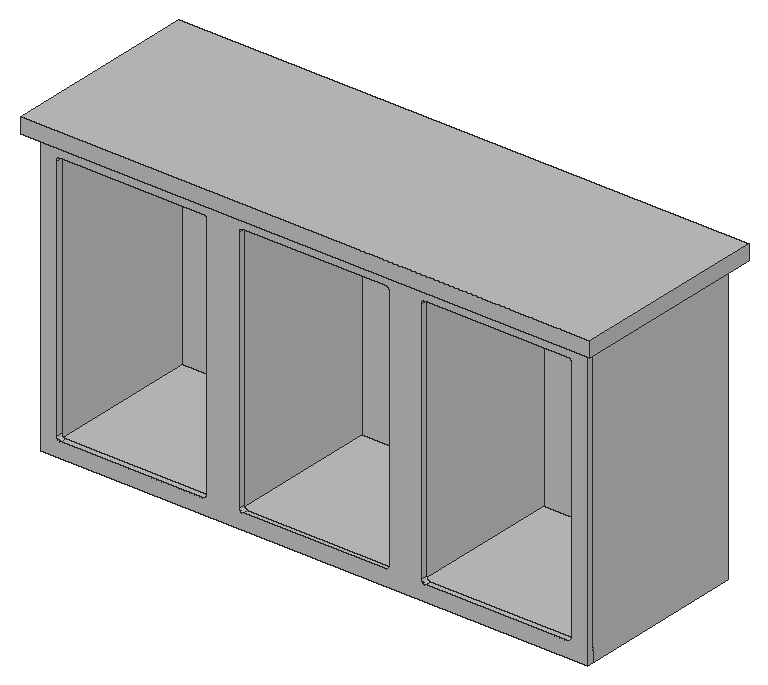
Revit family "Bench_Locker-Bradley_Corp-Lenox_3_Cubby_Bench", category Specialty Equipment, Revit 2021
Family settings
  Round Connector Dimension = Use Diameter
  Part Type = Normal
  OmniClass Number = 23.40.00.00
  OmniClass Title = Equipment and Furnishings
  Work Plane-Based = No
  Always vertical = Yes
  Cut with Voids When Loaded = No
  Shared = No
  Room Calculation Point = No
Parameters (values of type "36" Long - 3 Cubby Locker")
  Warranty Information = "20 years"
  Version = "2023-08-18"
  URL = "http://www.bradleycorp.com/"
  Type Comments = ""
  Tiers = 2
  Technical Data = ""
  Specifications URL = "https://www.bradleycorp.com/mediamanager/view/10380/CSI_Specification_Guideline_Section_105126.pdf"
  Product Tech Data URL - Spanish = ""
  Product Tech Data URL - French = ""
  Product Tech Data URL - English = "https://www.bradleycorp.com/mediamanager/view/10121/Cubby_Bench_Locker.pdf"
  Product Page URL = "https://www.bradleycorp.com/product/cubby-bench-lockers"
  OmniClass Table 23 Title = "Clothing Lockers"
  OmniClass Table 23 Number = "23-21 15 15"
  OmniClass Table 21 Title = "Storage Specialties"
  OmniClass Table 21 Number = "21-03 10 90 70"
  Modeling Code = ""
  Material Note = "Other colors available - see www.bradleycorp.com"
  MasterFormat Title = "Plastic Lockers"
  MasterFormat Number = "10 51 26"
  Locker Bench/Frame Material [instance] = Plastic - Bradley Corp - HDPE - Gray
  Model = "Lenox Cubby Bench Lockers"
  Manufacturer = "Bradley Corporation"
  Industry Standards = "n/a"
  Height = 19 3/4"
  Fire Rating = "n/a"
  Thickness [instance] = 3" / 8  # 3/8"
  Door Type [instance] = "Standard"
  Description = "Solid Plastic Cubby Bench & Lockers"
  Default Elevation = 0"
  Copyright = "This Model Data is Property of Bradley Corporation"
  Construction Comments [instance] = ""
  Bench Length [instance] = 36"
  Assembly Code = "C1030310"
  ADA Compliant = no
Reference planes (in)
  plane 1 "Center (Front/Back)": y = -3.25
  plane 2: z = -10.5
  plane 3 "Center (Left/Right)": x = 16.25
  plane 4 "Bottom": z = 0
  plane 5 "F.O. Bench": y = -9
  plane 6 "Left": x = -9.75
  plane 7 "Center L/U": x = 2.25
  plane 8 "Center L/V": x = 26.25
  plane 9 "Center Right Divider": x = 14.25
  plane 10 "Top of Bench": z = 19.75
  plane 11 "B.O. Bench Top": z = 18.75
  plane 12 "E.O. Bench Top LEFT": x = -10.5
  plane 13 "F.O. Bench Top": y = -9.75
  plane 14 "B.O. Bench Base": y = 2.5
  plane 15 "B.O. Face Plate": y = -8.625
  plane 16 "Bench Top Back": y = 3.25
  plane 17 "Left Inside Cabinet": x = -9.375
  plane 18: z = 0.375
  plane 19 "Center L/BB": y = 2.125
  plane 20 "E.O. Bench Top RIGHT": x = 27
  plane 21 "Right Inside Cabinet": x = 25.875
  plane 22 "CENTER": x = 8.25
Forms (in)
  Extrusion 1, solid, material "Plastic - Bradley Corp - HDPE - Gray" <- "Locker Bench/Frame Material", detail levels medium+fine
    sketch origin (-0.75, -9, 0) x (-1, 0, 0) y (0, 0, 1)
      loop
        line (9, 0) -> (9, 18.75) -> (-27, 18.75) -> (-27, 0) -> (9, 0)
      loop
        arc (-1.6875, 17.75) -> (-1.86428, 17.67678) -> (-1.9375, 17.5) r 0.25
        line (-1.9375, 17.5) -> (-1.9375, 1.25)
        arc (-1.9375, 1.25) -> (-1.86428, 1.07322) -> (-1.6875, 1) r 0.25
        line (-1.6875, 1) -> (7.6875, 1)
        arc (7.6875, 1) -> (7.86428, 1.07322) -> (7.9375, 1.25) r 0.25
        line (7.9375, 1.25) -> (7.9375, 17.5)
        arc (7.9375, 17.5) -> (7.86428, 17.67678) -> (7.6875, 17.75) r 0.25
        line (7.6875, 17.75) -> (-1.6875, 17.75)
      loop
        arc (-13.9375, 1.25) -> (-13.86428, 1.07322) -> (-13.6875, 1) r 0.25
        line (-13.6875, 1) -> (-4.3125, 1)
        arc (-4.3125, 1) -> (-4.13572, 1.07322) -> (-4.0625, 1.25) r 0.25
        line (-4.0625, 1.25) -> (-4.0625, 17.5)
        arc (-4.0625, 17.5) -> (-4.13572, 17.67678) -> (-4.3125, 17.75) r 0.25
        line (-4.3125, 17.75) -> (-13.6875, 17.75)
        arc (-13.6875, 17.75) -> (-13.86428, 17.67678) -> (-13.9375, 17.5) r 0.25
        line (-13.9375, 17.5) -> (-13.9375, 1.25)
      loop
        line (-16.0625, 1.25) -> (-16.0625, 17.5)
        arc (-16.0625, 17.5) -> (-16.13572, 17.67678) -> (-16.3125, 17.75) r 0.25
        line (-16.3125, 17.75) -> (-25.6875, 17.75)
        arc (-25.6875, 17.75) -> (-25.86428, 17.67678) -> (-25.9375, 17.5) r 0.25
        line (-25.9375, 17.5) -> (-25.9375, 1.25)
        arc (-25.9375, 1.25) -> (-25.86428, 1.07322) -> (-25.6875, 1) r 0.25
        line (-25.6875, 1) -> (-16.3125, 1)
        arc (-16.3125, 1) -> (-16.13572, 1.07322) -> (-16.0625, 1.25) r 0.25
    from 0 to 0.375
  Extrusion 2, solid, material "Plastic - Bradley Corp - HDPE - Gray" <- "Locker Bench/Frame Material", detail levels medium+fine
    sketch origin (-11.71161, -6.5, 0) x (1, 0, 0) y (0, 0, 1)
      loop
        line (37.58661, 18.75) -> (2.33661, 18.75) -> (2.33661, 0) -> (37.58661, 0) -> (37.58661, 18.75)
    from -9 to -8.625
  Extrusion 3, solid, material "Plastic - Bradley Corp - HDPE - Gray" <- "Locker Bench/Frame Material"
    sketch origin (0, -9, 0) x (-1, 0, 0) y (0, 0, 1)
      loop
        line (10.5, 18.75) -> (10.5, 19.75) -> (-27, 19.75) -> (-27, 18.75) -> (10.5, 18.75)
    from -0.75 to 12.25
  Extrusion 4, solid, material "Plastic - Bradley Corp - HDPE - Gray" <- "Locker Bench/Frame Material"
    sketch origin (-60, -180, 0) x (-1, 0, 0) y (0, -1, 0)
      loop
        line (-50.625, -182.5) -> (-50.625, -171.375) -> (-85.875, -171.375) -> (-85.875, -182.5) -> (-50.625, -182.5)
    from 0 to 0.375
  Extrusion 5, solid, material "Plastic - Bradley Corp - HDPE - Gray" <- "Locker Bench/Frame Material"
    sketch origin (88.5, -180, 0) x (1, 0, 0) y (0, 1, 0)
      loop
        line (-97.875, 182.5) -> (-98.25, 182.5) -> (-98.25, 171.375) -> (-97.875, 171.375) -> (-97.875, 182.5)
    from 0 to 18.75
  Extrusion 6, solid, material "Plastic - Bradley Corp - HDPE - Gray" <- "Locker Bench/Frame Material"
    sketch origin (-60, -180, 0) x (-1, 0, 0) y (0, -1, 0)
      loop
        line (-62.0625, -171.375) -> (-62.4375, -171.375) -> (-62.4375, -182.125) -> (-62.0625, -182.125) -> (-62.0625, -171.375)
    from 0.375 to 18.75
  Extrusion 7, solid, material "Plastic - Bradley Corp - HDPE - Gray" <- "Locker Bench/Frame Material"
    sketch origin (76.5, -180, 0) x (1, 0, 0) y (0, 1, 0)
      loop
        line (-62.0625, 171.375) -> (-62.0625, 182.125) -> (-62.4375, 182.125) -> (-62.4375, 171.375) -> (-62.0625, 171.375)
    from 0.375 to 18.75
  Extrusion 8, solid, material "Plastic - Bradley Corp - HDPE - Gray" <- "Locker Bench/Frame Material"
    sketch origin (-72, -180, 0) x (-1, 0, 0) y (0, -1, 0)
      loop
        line (-97.875, -182.5) -> (-97.875, -171.375) -> (-98.25, -171.375) -> (-98.25, -182.5) -> (-97.875, -182.5)
    from 0 to 18.75
Lines and regions (in)
  reference lines
    curve 1: line (10.83058, -9, 0) -> (-7.91942, -9, 0)
    curve 2: line (10.83058, -9, 0) -> (-7.91942, -9, 0)
Dimensions and locks (in)
  locked: plane 14 "B.O. Bench Base" to plane 5 "F.O. Bench" at 11.5
  Extrusion 1 sketch curve to plane 4 "Bottom" = 1"
  "Bench Length": plane 8 "Center L/V" to plane 6 "Left"
  plane 8 "Center L/V" to plane 9 "Center Right Divider" to plane 7 "Center L/U" to plane 6 "Left" = 12", 12", 12"
  "Height": plane 10 "Top of Bench" to level
  locked: plane 11 "B.O. Bench Top" to level at 18.75
  locked: plane 12 "E.O. Bench Top LEFT" to plane 6 "Left" at 0.75
  locked: plane 5 "F.O. Bench" to plane 13 "F.O. Bench Top" at 0.75
  locked: plane 15 "B.O. Face Plate" to plane 5 "F.O. Bench" at 0.375
  equal spacing: plane 14 "B.O. Bench Base", plane 1 "Center (Front/Back)", plane 5 "F.O. Bench", locked at 5.75 each
  locked: plane 16 "Bench Top Back" to plane 13 "F.O. Bench Top" at 13
  plane 16 "Bench Top Back" to plane 14 "B.O. Bench Base" = 3/4"
  locked: plane 6 "Left" to plane 17 "Left Inside Cabinet" at 0.375
  Extrusion 1 sketch curve to Extrusion 1 sketch curve = 9 7/8"  (x4)
  Extrusion 1 sketch curve to plane 7 "Center L/U" = 1 1/16"
  Extrusion 1 sketch curve to plane 9 "Center Right Divider" = 1 1/16"
  locked: plane 18 to level at 0.375
  locked: plane 14 "B.O. Bench Base" to plane 19 "Center L/BB" at 0.375
  locked: plane 21 "Right Inside Cabinet" to plane 8 "Center L/V" at 0.375
  locked: plane 8 "Center L/V" to plane 20 "E.O. Bench Top RIGHT" at 0.75
  plane 9 "Center Right Divider" to plane 22 "CENTER" to plane 7 "Center L/U" = 6", 6"
  aligned and locked: plane 16 "Bench Top Back" to Extrusion 3
  aligned and locked: Extrusion 3 to plane 12 "E.O. Bench Top LEFT"  (x2)
  aligned and locked: plane 11 "B.O. Bench Top" to Extrusion 5
  aligned and locked: Extrusion 3 to plane 13 "F.O. Bench Top"
  aligned and locked: Extrusion 3 to plane 11 "B.O. Bench Top"
  aligned and locked: Extrusion 5 to plane 11 "B.O. Bench Top"
  aligned and locked: plane 11 "B.O. Bench Top" to Extrusion 2
  aligned and locked: plane 11 "B.O. Bench Top" to Extrusion 6
  aligned and locked: Extrusion 5 to plane 6 "Left"
  aligned and locked: Extrusion 3 to plane 16 "Bench Top Back"  (x3)
  aligned and locked: plane 14 "B.O. Bench Base" to Extrusion 2
  aligned and locked: Extrusion 1 to plane 5 "F.O. Bench"
  aligned and locked: level to plane 4 "Bottom"
  aligned and locked: plane 18 to Extrusion 7
  aligned and locked: plane 18 to Extrusion 6
  aligned and locked: plane 13 "F.O. Bench Top" to Extrusion 3
  aligned and locked: plane 10 "Top of Bench" to Extrusion 3
  aligned and locked: Extrusion 6 to plane 11 "B.O. Bench Top"
  aligned and locked: plane 11 "B.O. Bench Top" to Extrusion 7
  aligned and locked: plane 11 "B.O. Bench Top" to Extrusion 1
  aligned and locked: plane 19 "Center L/BB" to Extrusion 7
  aligned and locked: plane 19 "Center L/BB" to Extrusion 6
  aligned and locked: Extrusion 4 to plane 18
  aligned and locked: Extrusion 3 to plane 20 "E.O. Bench Top RIGHT"
  aligned and locked: Extrusion 4 to plane 21 "Right Inside Cabinet"  (x2)
  aligned and locked: Extrusion 2 to plane 21 "Right Inside Cabinet"
  aligned and locked: Extrusion 1 to plane 8 "Center L/V"
  aligned and locked: Extrusion 8 to plane 8 "Center L/V"
  aligned and locked: Extrusion 1 to plane 15 "B.O. Face Plate"
  aligned and locked: Extrusion 2 to plane 17 "Left Inside Cabinet"
Automatic sketch dimensions
  curve 2 to plane 5 "F.O. Bench" = 0"
  plane 9 "Center Right Divider" to curve 2 = 3.41942"
  plane 17 "Left Inside Cabinet" to curve 2 = 1.45558"
  curve 1 to curve 2 = 0"
  plane 6 "Left" to Extrusion 2 sketch curve = 3/8"
  Extrusion 2 sketch curve to level = 0"
  Extrusion 2 sketch curve to plane 11 "B.O. Bench Top" = 0"
  Extrusion 3 sketch curve to plane 11 "B.O. Bench Top" = 0"
  plane 20 "E.O. Bench Top RIGHT" to Extrusion 3 sketch curve = 0"
  Extrusion 3 sketch curve to plane 10 "Top of Bench" = 0"
  Extrusion 3 sketch curve to plane 12 "E.O. Bench Top LEFT" = 0"
  Extrusion 4 sketch curve to plane 14 "B.O. Bench Base" = 0"
  plane 15 "B.O. Face Plate" to Extrusion 4 sketch curve = 0"
  Extrusion 4 sketch curve to plane 17 "Left Inside Cabinet" = 0"
  Extrusion 5 sketch curve to plane 6 "Left" = 0"
  plane 15 "B.O. Face Plate" to Extrusion 5 sketch curve = 0"
  Extrusion 5 sketch curve to plane 17 "Left Inside Cabinet" = 0"
  Extrusion 5 sketch curve to plane 14 "B.O. Bench Base" = 0"
  plane 15 "B.O. Face Plate" to Extrusion 6 sketch curve = 0"
  Extrusion 6 sketch curve to plane 19 "Center L/BB" = 0"
  plane 7 "Center L/U" to Extrusion 6 sketch curve = 3/16"
  Extrusion 6 sketch curve to plane 7 "Center L/U" = 3/16"
  plane 15 "B.O. Face Plate" to Extrusion 7 sketch curve = 0"
  Extrusion 7 sketch curve to plane 19 "Center L/BB" = 0"
  plane 9 "Center Right Divider" to Extrusion 7 sketch curve = 3/16"
  Extrusion 7 sketch curve to plane 9 "Center Right Divider" = 3/16"
  Extrusion 8 sketch curve to plane 8 "Center L/V" = 0"
  plane 15 "B.O. Face Plate" to Extrusion 8 sketch curve = 0"
  Extrusion 8 sketch curve to plane 21 "Right Inside Cabinet" = 0"
  Extrusion 8 sketch curve to plane 14 "B.O. Bench Base" = 0"
  Extrusion 1 sketch curve to level = 0"
  Extrusion 1 sketch curve to plane 6 "Left" = 0"
  Extrusion 1 sketch curve to plane 11 "B.O. Bench Top" = 0"
  plane 21 "Right Inside Cabinet" to Extrusion 1 sketch curve = 11/16"
  Extrusion 1 sketch curve to Extrusion 1 sketch curve = 1/4"  (x11)
  Extrusion 1 sketch curve to plane 3 "Center (Left/Right)" = 11/16"  (x2)
  plane 9 "Center Right Divider" to Extrusion 1 sketch curve = 1 1/16"
  Extrusion 1 sketch curve to plane 7 "Center L/U" = 1 1/16"
  Extrusion 1 sketch curve to plane 18 = 5/8"  (x2)
  Extrusion 1 sketch curve to plane 11 "B.O. Bench Top" = 1 1/4"  (x3)
  plane 8 "Center L/V" to Extrusion 1 sketch curve = 0"
  plane 21 "Right Inside Cabinet" to Extrusion 2 sketch curve = 0"
  Extrusion 4 sketch curve to plane 21 "Right Inside Cabinet" = 0"
